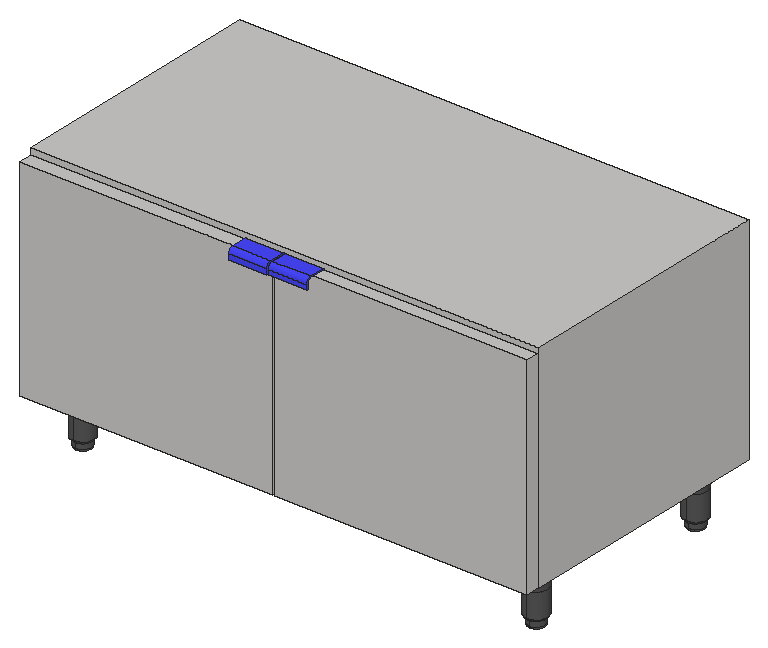
Revit family "QF_CAPIC_AVEN_W543045", category Equipement spécialisé, Revit 2018
Family settings
  Cote de connecteur circulaire = Utiliser le diamètre
  Type d'élément = Normal
  Numéro OmniClass = 23.40.40.14
  Titre OmniClass = Food Service Equipment
  Basée sur le plan de construction = Non
  Toujours verticalement = Oui
  Couper avec des vides une fois chargée = Non
  Partagée = Non
  Point de calcul de pièce = Non
Parameters (values of type "1200 mm")
  profondeur porte ouverte = 630 mm + Longueur hors tout / 2  # 1230 mm
  URL catalogue = "http://www.capic-fr.com/fr/"
  Type de Raccord Plomberie [instance] = ""
  Type de Raccord Electrique [instance] = "Bornier interne"
  Type de Gaz = ""
  Type article [instance] = ""
  Tension = 400 V
  Spécification du Fabricant = ""
  Show Logo = yes
  Remarques evacuation [instance] = ""
  Remarques Plomberie [instance] = ""
  Remarques Electricité [instance] = "400Vx3 +T"
  Puissance électrique  = 2100 W
  Puissance Gaz kW = 0
  Profondeur hors tout = 671 mm
  Pression Maximum Eau Adoucie = 0.0 Pa
  Poids net à vide = 60.00 kg
  Phase = 0
  Modèle = "W543035"
  Longueur hors tout = 1200 mm
  Intensité nominale = 0 A
  Hauteur hors tout = 638 mm
  Hauteur de Raccordement du Sol Finis = 211 mm
  Hauteur de Raccordement Gaz du Sol Finis = 0 mm
  Hauteur de Raccordement Evacuation Directe du Sol Finis = 0 mm
  Hauteur de Raccordement Eau Froide du Sol Finis = 0 mm
  Hauteur de Raccordement Eau Chaude du Sol Finis = 0 mm
  Hauteur de Raccordement Eau Adoucie du Sol Finis = 0 mm
  Fréquence = 50 Hz
  Fabricant = "CAPIC"
  Etagere intermédiaire (option) [instance] = no
  Débit d'air d'extraction = 0.0 m³/h
  Débit Gaz = 0.0 L/s
  Débit Eau Froide = 0.0 L/s
  Débit Eau Chaude = 0.0 L/s
  Débit Eau Adoucie = 0.0 L/s
  Diamètre de Raccordement Gaz = 0 mm
  Diamètre de Raccordement Evacuation = 0 mm
  Diamètre de Raccordement Eau Froide = 0 mm
  Diamètre de Raccordement Eau Chaude = 0 mm
  Diamètre de Raccordement Eau Adoucie = 0 mm
  Description = "Placard fermé 2 portes"
  Assembly Code = ""
  Classification  Omniclass nombre et titre = "23.40.40.14"
Reference planes
  plane 1 "Centre (avant/arrière)": y = 0
  plane 2: z = 0
  plane 3 "Centre (gauche/droite)": x = 0
  plane 4: x = 1200
  plane 5: y = -662
  plane 6: y = -45
  plane 7: x = 25
  plane 8: x = 1175
  plane 9: y = -69
  plane 10: y = -539
  plane 11: x = 35
  plane 12: x = 1165
  plane 13: x = 2
  plane 14: x = 1198
  plane 15: y = -694.5
  plane 16: z = 627
  plane 17: y = -712
  plane 18: z = 625
  plane 19: y = -710
  plane 20: z = 603
  plane 21: x = 508
  plane 22: y = -1275
  plane 23: x = 600
  plane 24: x = 598
  plane 25: x = 602
  plane 26: x = 692
  plane 27: y = -678.25
Forms (mm)
  Extrusion 1, solid, material "QF_Stainless Steel-Brushed"
    sketch origin (0, 0, 0) x (1, 0, 0) y (0, 1, 0)
      loop
        line (0, -45) -> (0, -662) -> (1200, -662) -> (1200, -45) -> (0, -45)
    from 130 to 638
  Extrusion 2, void
    sketch origin (0, 0, 0) x (1, 0, 0) y (0, 1, 0)
      loop
        line (35, -69) -> (35, -662) -> (1165, -662) -> (1165, -69) -> (35, -69)
    from 175 to 608
  Extrusion 3, solid, material "QF_Stainless Steel-Brushed", visible <- "Etagere intermédiaire (option)"
    sketch origin (0, 0, 0) x (1, 0, 0) y (0, 1, 0)
      loop
        line (35, -69) -> (35, -662) -> (1165, -662) -> (1165, -69) -> (35, -69)
    from 370 to 400
  Extrusion 4, solid, material "QF_Stainless Steel-Brushed"
    sketch origin (0, 0, 0) x (1, 0, 0) y (0, 1, 0)
      loop
        line (2, -662) -> (2, -694.5) -> (598, -694.5) -> (598, -662) -> (2, -662)
    from 130 to 625
  Extrusion 5, solid, material "QF_Metal Sheet-Blue"
    sketch origin (0, 0, 0) x (0, 1, 0) y (0, 0, 1)
      loop
        line (-662, 627) -> (-700, 627)
        arc (-700, 627) -> (-708.485, 623.485) -> (-712, 615) r 12
        line (-712, 615) -> (-712, 603) -> (-710, 603) -> (-710, 615)
        arc (-710, 615) -> (-707.071, 622.071) -> (-700, 625) r 10
        line (-700, 625) -> (-662, 625) -> (-662, 627)
    from 598 to 508
  Extrusion 6, solid, material "QF_Metal Sheet-Blue"
    sketch origin (252, 0, 0) x (0, 1, 0) y (0, 0, 1)
      loop
        line (-662, 627) -> (-700, 627)
        arc (-700, 627) -> (-708.485, 623.485) -> (-712, 615) r 12
        line (-712, 615) -> (-712, 603) -> (-710, 603) -> (-710, 615)
        arc (-710, 615) -> (-707.071, 622.071) -> (-700, 625) r 10
        line (-700, 625) -> (-662, 625) -> (-662, 627)
    from 440 to 350
  Extrusion 7, solid, material "QF_Stainless Steel-Brushed"
    sketch origin (430, 0, 0) x (1, 0, 0) y (0, 1, 0)
      loop
        line (172, -662) -> (172, -694.5) -> (768, -694.5) -> (768, -662) -> (172, -662)
    from 130 to 625
Cuts and joins
  Extrusion 2 cuts Extrusion 1
Lines and regions (mm)
  symbolic lines, style "SpecialityEquipmentHiddenLines", detail levels medium+fine
    curve 1: arc (1198, -1275, 0) -> (781.819, -1105.923, 0) -> (601.471, -694.5, 0) r 596.75
    curve 4: arc (2, -1275, 0) -> (418.181, -1105.923, 0) -> (598.529, -694.5, 0) r 596.75
  symbolic lines, detail levels medium+fine
    curve 2: line (1198, -1275, 0) -> (1198, -694.5, 0)
    curve 3: line (2, -678.25, 0) -> (2, -1275, 0)
Dimensions and locks
  "Longueur hors tout": plane 3 "Centre (gauche/droite)" to plane 4
  plane 5 to plane 6 to plane 1 "Centre (avant/arrière)" = 617 mm locked, 45 mm locked
  plane 6 to plane 9 to plane 10 = 24 mm locked, 470 mm locked
  locked: plane 3 "Centre (gauche/droite)" to plane 7 at 25
  locked: plane 8 to plane 4 at 25
  locked: plane 3 "Centre (gauche/droite)" to plane 11 at 35
  locked: plane 12 to plane 4 at 35
  locked: plane 3 "Centre (gauche/droite)" to plane 13 at 2
  locked: plane 14 to plane 4 at 2
  locked: plane 5 to plane 15 at 32.5
  locked: plane 16 to plane 18 at 2
  locked: plane 19 to plane 17 at 2
  locked: plane 5 to plane 17 at 50
  locked: plane 16 to plane 20 at 24
  "profondeur porte ouverte": plane 6 to plane 22
  equal spacing: plane 3 "Centre (gauche/droite)", plane 23, plane 4
  locked: plane 23 to plane 25 at 2
  locked: plane 24 to plane 23 at 2
  locked: plane 21 to plane 24 at 90
  locked: plane 25 to plane 26 at 90
  aligned and locked: level to plane 2
  aligned and locked: plane 9 to nested 1
  aligned and locked: nested 1 to plane 7
  aligned and locked: plane 10 to nested 2
  aligned and locked: nested 2 to plane 7
  aligned and locked: plane 8 to nested 3
  aligned and locked: nested 3 to plane 9
  aligned and locked: plane 8 to nested 4
  aligned and locked: nested 4 to plane 10
  aligned and locked: Extrusion 2 sketch curve to plane 9
  aligned and locked: plane 11 to Extrusion 2 sketch curve
  aligned and locked: plane 5 to Extrusion 2 sketch curve
  aligned and locked: Extrusion 2 sketch curve to plane 12
  aligned and locked: Extrusion 4 sketch curve to plane 5
  aligned and locked: plane 13 to Extrusion 4 sketch curve
  aligned and locked: plane 15 to Extrusion 4 sketch curve
  aligned and locked: Extrusion 5 sketch curve to plane 16
  aligned and locked: plane 18 to Extrusion 5 sketch curve
  aligned and locked: Extrusion 5 sketch curve to plane 5
  aligned and locked: plane 20 to Extrusion 5 sketch curve
  aligned and locked: plane 19 to Extrusion 5 sketch curve
  aligned and locked: plane 21 to Extrusion 5
  aligned and locked: plane 24 to Extrusion 4
  aligned and locked: plane 24 to Extrusion 5
  aligned and locked: Extrusion 6 to plane 25
  aligned and locked: plane 26 to Extrusion 6
  aligned and locked: Extrusion 7 to plane 25
  aligned and locked: plane 14 to Extrusion 7
Automatic sketch dimensions
  Extrusion 1 sketch curve to plane 3 "Centre (gauche/droite)" = 0 mm
  Extrusion 1 sketch curve to plane 4 = 0 mm
  Extrusion 1 sketch curve to plane 5 = 0 mm
  Extrusion 1 sketch curve to plane 6 = 0 mm
  Extrusion 3 sketch curve to plane 5 = 0 mm
  Extrusion 3 sketch curve to plane 11 = 0 mm
  Extrusion 3 sketch curve to plane 12 = 0 mm
  Extrusion 3 sketch curve to plane 9 = 0 mm
  Extrusion 4 sketch curve to plane 24 = 0 mm
  Extrusion 5 sketch curve to Extrusion 5 sketch curve = 0 mm  (x2)
  Extrusion 5 sketch curve to plane 15 = 5.5 mm
  Extrusion 6 sketch curve to Extrusion 6 sketch curve = 0 mm  (x2)
  Extrusion 6 sketch curve to plane 17 = 0 mm
  Extrusion 6 sketch curve to plane 19 = 0 mm
  Extrusion 6 sketch curve to plane 18 = 0 mm
  Extrusion 6 sketch curve to plane 5 = 0 mm
  Extrusion 6 sketch curve to plane 20 = 0 mm
  Extrusion 6 sketch curve to plane 15 = 5.5 mm
  Extrusion 7 sketch curve to plane 15 = 0 mm
  Extrusion 7 sketch curve to plane 5 = 0 mm
  plane 25 to Extrusion 7 sketch curve = 0 mm
  Extrusion 7 sketch curve to plane 4 = 2 mm
  curve 4 to plane 13 = 0 mm
  curve 4 to plane 15 = 0 mm
  curve 1 to plane 15 = 0 mm
  curve 2 to plane 14 = 0 mm
  curve 1 to plane 22 = 0 mm
  curve 3 to plane 22 = 0 mm
  plane 15 to curve 2 = 0 mm
  plane 27 to curve 4 = 0 mm
  plane 27 to curve 3 = 0 mm
  plane 27 to curve 1 = 0 mm
Nested families
  nested 1: "QF_Details_Pied" at (13.5, -119, 0) x (0, -1, 0) z (0, 0, 1), type "QF_Details_Pied"
  nested 2: "QF_Details_Pied" at (13.5, -589, 0) x (0, -1, 0) z (0, 0, 1), type "QF_Details_Pied"
  nested 3: "QF_Details_Pied" at (1083.5, -119, 0) x (0, -1, 0) z (0, 0, 1), type "QF_Details_Pied"
  nested 4: "QF_Details_Pied" at (1083.5, -589, 0) x (0, -1, 0) z (0, 0, 1), type "QF_Details_Pied"
Definition of nested family "QF_Details_Pied"
  Reference planes
    plane 1 "Centre (avant/arrière)": y = 0
    plane 2: z = 0
    plane 3 "Centre (gauche/droite)": x = 0
  Forms (mm)
    Extrusion 1, solid
      sketch origin (-137.492, 51.5, -340.756) x (1, 0, 0) y (0, 0, 1)
        loop
          line (87.492, 481.756) -> (87.492, 472.756) -> (187.492, 472.756) -> (187.492, 481.756) -> (87.492, 481.756)
      from -40 to 40
    Revolve 2, solid
      sketch origin (0, 51.5, -9) x (1, 0, 0) y (0, 0, 1)
        loop
          line (0, 141) -> (0, 9) -> (19.21, 9) -> (19.21, 13) -> (20.21, 13) -> (20.21, 26) -> (21.71, 26) -> (26.66, 30.95) -> (26.66, 90.95) -> (31.468, 136.698) -> (36.246, 141) -> (0, 141)
        axis (0, 141) -> (0, 9)
      angle from 0 to 360
  Dimensions and locks
    aligned and locked: level to plane 2
    aligned and locked: Extrusion 1 to Revolve 2 sketch curve
